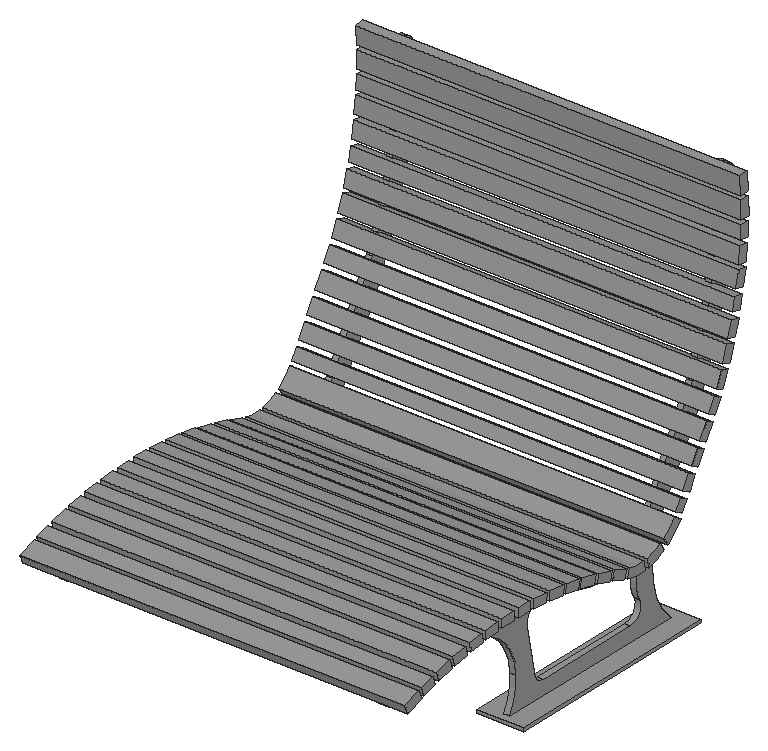
Revit family "11484 Лежак «Дельта» Хоббика", category Антураж, Revit 2018
Family settings
  На основе рабочей плоскости = Нет
  Всегда вертикально = Да
  При загрузке вырезать с полостями = Нет
  Источник визуального образа = Геометрия семейства
  Общий = Нет
  Точка расчета площади = Нет
Parameters (values of type "Лежак «Дельта»")
  Ширина = 1520 mm  # constant formula
  Цвет отделки = Дерево
  Цвет каркаса = Сталь
  Описание = "Лежак «Дельта»"  # constant formula
  Материал изделия = "Сталь, дерево"  # constant formula
  Изображение типоразмера = Лежак «Дельта» Арт 11484.jpeg
  Изготовитель = "ООО «Хоббика»"  # constant formula
  Длина = 1300 mm  # constant formula
  Группа модели = "Лежаки и шезлонги"  # constant formula
  Высота = 1310 mm  # constant formula
  Артикул товара = "Арт. 11484"  # constant formula
  URL = "https://hobbyka.ru/product/lezhak_delta"
Reference planes
  plane 1 "По центру (Вперед/Назад)": y = 0
  plane 2: z = 0
  plane 3 "По центру (Влево/Вправо)": x = 0
  plane 4: y = 1520
  plane 5: x = 1300
  plane 6: z = 1310
Forms (mm)
  Extrusion 1, solid, material "Сталь" <- "Цвет каркаса"
    sketch origin (0, 0, 0) x (0, 1, 0) y (0, 0, 1)
      loop
        line (1340.382, 685.027) -> (1170.382, 390.578)
        arc (1170.382, 390.578) -> (1064.405, 301.653) -> (926.062, 301.653) r 202.244
        arc (926.062, 301.653) -> (476.062, 381) -> (26.062, 301.653) r 1315.712
        arc (26.062, 301.653) -> (53.69, 264.755) -> (99.71, 262.13) r 54.627
        arc (99.71, 262.13) -> (211.809, 298.218) -> (327.729, 318.981) r 878.133
        arc (327.729, 318.981) -> (429.291, 310.373) -> (519.982, 263.854) r 263.419
        arc (519.982, 263.854) -> (572.354, 201.095) -> (595.097, 122.582) r 199.113
        arc (595.097, 122.582) -> (589.574, 58.763) -> (564.072, 0) r 199.113
        line (564.072, 0) -> (1258.328, 0)
        arc (1258.328, 0) -> (1168.074, 172.565) -> (1220.477, 360.123) r 264.387
        arc (1220.477, 360.123) -> (1439.983, 771.046) -> (1520, 1230) r 1471.2
        arc (1520, 1230) -> (1498.772, 1278.981) -> (1448.044, 1295.608) r 65.086
        arc (1448.044, 1295.608) -> (1432.513, 983.564) -> (1340.382, 685.027) r 1254.975
      loop
        arc (1104.802, 200.11) -> (1090.878, 234.377) -> (1055.881, 246.351) r 44.599
        arc (1055.881, 246.351) -> (980.688, 244.637) -> (906.086, 254.201) r 500.886
        line (906.086, 254.201) -> (704.186, 307.618)
        arc (704.186, 307.618) -> (655.877, 295.452) -> (640.52, 248.061) r 51.451
        line (640.52, 248.061) -> (669.142, 100.817)
        arc (669.142, 100.817) -> (681.755, 70.366) -> (712.206, 57.752) r 43.065
        line (712.206, 57.752) -> (1081.097, 57.752)
        arc (1081.097, 57.752) -> (1118.026, 78.816) -> (1118.694, 121.325) r 42.903
        arc (1118.694, 121.325) -> (1105.226, 159.567) -> (1104.802, 200.11) r 124.119
    from 100 to 120
  Extrusion 2, solid, material "Сталь" <- "Цвет каркаса"
    sketch origin (0, 0, 0) x (0, 1, 0) y (0, 0, 1)
      loop
        line (1340.382, 685.027) -> (1170.382, 390.578)
        arc (1170.382, 390.578) -> (1064.405, 301.653) -> (926.062, 301.653) r 202.244
        arc (926.062, 301.653) -> (476.062, 381) -> (26.062, 301.653) r 1315.712
        arc (26.062, 301.653) -> (53.69, 264.755) -> (99.71, 262.13) r 54.627
        arc (99.71, 262.13) -> (211.809, 298.218) -> (327.729, 318.981) r 878.133
        arc (327.729, 318.981) -> (429.291, 310.373) -> (519.982, 263.854) r 263.419
        arc (519.982, 263.854) -> (572.354, 201.095) -> (595.097, 122.582) r 199.113
        arc (595.097, 122.582) -> (589.574, 58.763) -> (564.072, 0) r 199.113
        line (564.072, 0) -> (1258.328, 0)
        arc (1258.328, 0) -> (1168.074, 172.565) -> (1220.477, 360.123) r 264.387
        arc (1220.477, 360.123) -> (1439.983, 771.046) -> (1520, 1230) r 1471.2
        arc (1520, 1230) -> (1498.772, 1278.981) -> (1448.044, 1295.608) r 65.086
        arc (1448.044, 1295.608) -> (1432.513, 983.564) -> (1340.382, 685.027) r 1254.975
      loop
        arc (1104.802, 200.11) -> (1090.878, 234.377) -> (1055.881, 246.351) r 44.599
        arc (1055.881, 246.351) -> (980.688, 244.637) -> (906.086, 254.201) r 500.886
        line (906.086, 254.201) -> (704.186, 307.618)
        arc (704.186, 307.618) -> (655.877, 295.452) -> (640.52, 248.061) r 51.451
        line (640.52, 248.061) -> (669.142, 100.817)
        arc (669.142, 100.817) -> (681.755, 70.366) -> (712.206, 57.752) r 43.065
        line (712.206, 57.752) -> (1081.097, 57.752)
        arc (1081.097, 57.752) -> (1118.026, 78.816) -> (1118.694, 121.325) r 42.903
        arc (1118.694, 121.325) -> (1105.226, 159.567) -> (1104.802, 200.11) r 124.119
    from 1180 to 1200
  Extrusion 3, solid, material "Сталь" <- "Цвет каркаса"
    sketch origin (0, 0, 0) x (0, 1, 0) y (0, 0, 1)
      loop
        line (1290, 10) -> (540, 10) -> (540, 0) -> (1290, 0) -> (1290, 10)
    from 30 to 189.958
  Extrusion 4, solid, material "Сталь" <- "Цвет каркаса"
    sketch origin (0, 0, 0) x (0, 1, 0) y (0, 0, 1)
      loop
        line (1290, 10) -> (540, 10) -> (540, 0) -> (1290, 0) -> (1290, 10)
    from 1110 to 1270
  Extrusion 5, solid, material "Дерево" <- "Цвет отделки"
    sketch origin (0, 0, 0) x (0, 1, 0) y (0, 0, 1)
      loop
        line (1446.878, 1310) -> (1416.991, 1307.406)
        arc (1416.991, 1307.406) -> (1419.218, 1277.49) -> (1420.713, 1247.528) r 1224.975
        line (1420.713, 1247.528) -> (1450.692, 1248.655)
        arc (1450.692, 1248.655) -> (1449.161, 1279.351) -> (1446.878, 1310) r 1254.975
      loop
        line (1334.746, 675.264) -> (1308.765, 690.264) -> (1283.765, 646.962) -> (1309.746, 631.962) -> (1334.746, 675.264)
      loop
        line (1164.274, 380.669) -> (1139.199, 397.139)
        arc (1139.199, 397.139) -> (1118.434, 371.327) -> (1093.111, 349.968) r 172.244
        line (1093.111, 349.968) -> (1110.159, 325.282)
        arc (1110.159, 325.282) -> (1139.892, 350.361) -> (1164.274, 380.669) r 202.244
      loop
        line (926.062, 301.653) -> (936.323, 329.844)
        arc (936.323, 329.844) -> (911.355, 338.654) -> (886.219, 346.971) r 1345.712
        line (886.219, 346.971) -> (877.076, 318.399)
        arc (877.076, 318.399) -> (901.651, 310.267) -> (926.062, 301.653) r 1315.712
      loop
        line (1451.175, 1233.295) -> (1421.185, 1232.535)
        arc (1421.185, 1232.535) -> (1421.578, 1202.538) -> (1421.236, 1172.541) r 1224.975
        line (1421.236, 1172.541) -> (1451.228, 1171.832)
        arc (1451.228, 1171.832) -> (1451.578, 1202.564) -> (1451.175, 1233.295) r 1254.975
      loop
        line (1450.771, 1156.472) -> (1420.79, 1157.548)
        arc (1420.79, 1157.548) -> (1419.777, 1135.086) -> (1418.353, 1112.646) r 1224.975
        line (1418.353, 1112.646) -> (1448.274, 1110.47)
        arc (1448.274, 1110.47) -> (1449.733, 1133.46) -> (1450.771, 1156.472) r 1254.975
      loop
        line (1446.887, 1093.075) -> (1416.999, 1095.667)
        arc (1416.999, 1095.667) -> (1414.335, 1068.468) -> (1411.064, 1041.335) r 1224.975
        line (1411.064, 1041.335) -> (1440.807, 1037.413)
        arc (1440.807, 1037.413) -> (1444.157, 1065.21) -> (1446.887, 1093.075) r 1254.975
      loop
        line (1438.664, 1021.912) -> (1408.973, 1026.204)
        arc (1408.973, 1026.204) -> (1404.755, 999.165) -> (1399.933, 972.226) r 1224.975
        line (1399.933, 972.226) -> (1429.403, 966.612)
        arc (1429.403, 966.612) -> (1434.343, 994.21) -> (1438.664, 1021.912) r 1254.975
      loop
        line (1425.286, 945.944) -> (1395.914, 952.053)
        arc (1395.914, 952.053) -> (1391.219, 930.459) -> (1386.136, 908.953) r 1224.975
        line (1386.136, 908.953) -> (1415.268, 901.789)
        arc (1415.268, 901.789) -> (1420.476, 923.822) -> (1425.286, 945.944) r 1254.975
      loop
        line (1410.13, 881.622) -> (1381.121, 889.268)
        arc (1381.121, 889.268) -> (1374.045, 863.562) -> (1366.412, 838.015) r 1224.975
        line (1366.412, 838.015) -> (1395.061, 829.114)
        arc (1395.061, 829.114) -> (1402.881, 855.286) -> (1410.13, 881.622) r 1254.975
      loop
        line (1390.54, 814.865) -> (1361.999, 824.107)
        arc (1361.999, 824.107) -> (1353.114, 797.698) -> (1343.631, 771.497) r 1224.975
        line (1343.631, 771.497) -> (1371.722, 760.966)
        arc (1371.722, 760.966) -> (1381.437, 787.809) -> (1390.54, 814.865) r 1254.975
      loop
        line (1365.82, 745.532) -> (1337.87, 756.432)
        arc (1337.87, 756.432) -> (1327.868, 731.59) -> (1317.325, 706.972) r 1224.975
        line (1317.325, 706.972) -> (1344.772, 694.861)
        arc (1344.772, 694.861) -> (1355.573, 720.082) -> (1365.82, 745.532) r 1254.975
      loop
        line (1299.746, 614.642) -> (1273.765, 629.642) -> (1246.265, 582.011) -> (1272.246, 567.011) -> (1299.746, 614.642)
      loop
        line (1262.246, 549.69) -> (1236.265, 564.69) -> (1211.265, 521.389) -> (1237.246, 506.389) -> (1262.246, 549.69)
      loop
        line (1227.246, 489.068) -> (1201.265, 504.068) -> (1176.265, 460.767) -> (1202.246, 445.767) -> (1227.246, 489.068)
      loop
        line (1192.246, 428.447) -> (1166.265, 443.447) -> (1146.265, 408.806) -> (1172.246, 393.806) -> (1192.246, 428.447)
      loop
        arc (1080.381, 341.974) -> (1053.509, 329.614) -> (1024.918, 322.033) r 172.244
        line (1024.918, 322.033) -> (1030.088, 292.482)
        arc (1030.088, 292.482) -> (1063.658, 301.383) -> (1095.211, 315.896) r 202.244
        line (1095.211, 315.896) -> (1080.381, 341.974)
      loop
        arc (1010.814, 320.162) -> (980.599, 320.079) -> (950.835, 325.277) r 172.244
        line (950.835, 325.277) -> (943.102, 296.29)
        arc (943.102, 296.29) -> (978.051, 290.187) -> (1013.528, 290.285) r 202.244
        line (1013.528, 290.285) -> (1010.814, 320.162)
      loop
        arc (873.36, 351.015) -> (847.488, 358.727) -> (821.466, 365.917) r 1345.712
        line (821.466, 365.917) -> (813.766, 336.922)
        arc (813.766, 336.922) -> (839.208, 329.892) -> (864.503, 322.353) r 1315.712
        line (864.503, 322.353) -> (873.36, 351.015)
      loop
        arc (806.259, 369.861) -> (778.088, 376.67) -> (749.776, 382.87) r 1345.712
        line (749.776, 382.87) -> (743.674, 353.497)
        arc (743.674, 353.497) -> (771.355, 347.435) -> (798.898, 340.778) r 1315.712
        line (798.898, 340.778) -> (806.259, 369.861)
      loop
        arc (737.963, 385.269) -> (710.976, 390.338) -> (683.89, 394.855) r 1345.712
        line (683.89, 394.855) -> (679.257, 365.215)
        arc (679.257, 365.215) -> (705.739, 360.798) -> (732.125, 355.842) r 1315.712
        line (732.125, 355.842) -> (737.963, 385.269)
      loop
        arc (670.006, 396.951) -> (642.268, 400.697) -> (614.458, 403.865) r 1345.712
        line (614.458, 403.865) -> (611.373, 374.024)
        arc (611.373, 374.024) -> (638.563, 370.926) -> (665.682, 367.264) r 1315.712
        line (665.682, 367.264) -> (670.006, 396.951)
      loop
        arc (598.317, 405.435) -> (571.952, 407.579) -> (545.55, 409.205) r 1345.712
        line (545.55, 409.205) -> (544.001, 379.245)
        arc (544.001, 379.245) -> (569.814, 377.656) -> (595.591, 375.559) r 1315.712
        line (595.591, 375.559) -> (598.317, 405.435)
      loop
        arc (529.966, 409.92) -> (504.726, 410.695) -> (479.476, 410.996) r 1345.712
        line (479.476, 410.996) -> (479.476, 380.996)
        arc (479.476, 380.996) -> (504.125, 380.701) -> (528.764, 379.944) r 1315.712
        line (528.764, 379.944) -> (529.966, 409.92)
      loop
        arc (458.304, 410.883) -> (434.19, 410.348) -> (410.09, 409.382) r 1345.712
        line (410.09, 409.382) -> (411.561, 379.418)
        arc (411.561, 379.418) -> (434.926, 380.357) -> (458.304, 380.88) r 1315.712
        line (458.304, 380.88) -> (458.304, 410.883)
      loop
        arc (390.993, 408.309) -> (365.835, 406.478) -> (340.714, 404.176) r 1345.712
        line (340.714, 404.176) -> (343.732, 374.328)
        arc (343.732, 374.328) -> (368.292, 376.579) -> (392.89, 378.369) r 1315.712
        line (392.89, 378.369) -> (390.993, 408.309)
      loop
        arc (323.853, 402.364) -> (298.408, 399.222) -> (273.027, 395.595) r 1345.712
        line (273.027, 395.595) -> (277.554, 365.939)
        arc (277.554, 365.939) -> (302.368, 369.485) -> (327.246, 372.557) r 1315.712
        line (327.246, 372.557) -> (323.853, 402.364)
      loop
        arc (256.205, 392.919) -> (230.374, 388.382) -> (204.636, 383.343) r 1345.712
        line (204.636, 383.343) -> (210.687, 353.96)
        arc (210.687, 353.96) -> (235.851, 358.886) -> (261.107, 363.322) r 1315.712
        line (261.107, 363.322) -> (256.205, 392.919)
      loop
        arc (191.609, 380.593) -> (163.002, 374.079) -> (134.544, 366.943) r 1345.712
        line (134.544, 366.943) -> (142.157, 337.925)
        arc (142.157, 337.925) -> (169.981, 344.902) -> (197.951, 351.271) r 1315.712
        line (197.951, 351.271) -> (191.609, 380.593)
      loop
        arc (117.927, 362.47) -> (94.602, 355.803) -> (71.401, 348.717) r 1345.712
        line (71.401, 348.717) -> (80.422, 320.106)
        arc (80.422, 320.106) -> (103.106, 327.034) -> (125.911, 333.552) r 1315.712
        line (125.911, 333.552) -> (117.927, 362.47)
      loop
        arc (60.484, 345.224) -> (30.116, 334.962) -> (0, 323.98) r 1345.712
        line (0, 323.98) -> (12.223, 296.528)
        arc (12.223, 296.528) -> (40.869, 306.942) -> (69.749, 316.69) r 1315.712
        line (69.749, 316.69) -> (60.484, 345.224)
    from 0 to 1300
Cuts and joins
  joined: Extrusion 1, Extrusion 3
  joined: Extrusion 2, Extrusion 4
Dimensions and locks
  "Длина": plane 5 to plane 3 "По центру (Влево/Вправо)"
  "Ширина": plane 4 to plane 1 "По центру (Вперед/Назад)"
  "Высота": plane 6 to plane 2
  aligned and locked: level to plane 2
Automatic sketch dimensions
  Extrusion 1 sketch curve to Extrusion 1 sketch curve = 0 mm  (x7)
  Extrusion 1 sketch curve to level = 0 mm
  Extrusion 1 sketch curve to plane 4 = 0 mm  (x2)
  Extrusion 1 sketch curve to plane 4 = 65.08 mm
  Extrusion 1 sketch curve to plane 4 = 88.987 mm
  Extrusion 1 sketch curve to plane 4 = 179.618 mm
  Extrusion 1 sketch curve to plane 4 = 261.672 mm
  Extrusion 1 sketch curve to Extrusion 1 sketch curve = 30.868 mm
  Extrusion 1 sketch curve to Extrusion 1 sketch curve = 57.078 mm
  level to Extrusion 1 sketch curve = 57.752 mm
  Extrusion 1 sketch curve to Extrusion 1 sketch curve = 177.23 mm
  Extrusion 1 sketch curve to Extrusion 1 sketch curve = 20.856 mm
  Extrusion 1 sketch curve to Extrusion 1 sketch curve = 333.48 mm
  Extrusion 1 sketch curve to Extrusion 1 sketch curve = 175.149 mm
  level to Extrusion 1 sketch curve = 254.201 mm
  Extrusion 1 sketch curve to Extrusion 1 sketch curve = 154.155 mm
  Extrusion 1 sketch curve to Extrusion 1 sketch curve = 193.88 mm
  level to Extrusion 1 sketch curve = 307.618 mm
  Extrusion 1 sketch curve to Extrusion 1 sketch curve = 8.021 mm
  Extrusion 1 sketch curve to Extrusion 1 sketch curve = 13.16 mm
  level to Extrusion 1 sketch curve = 100.817 mm
  level to Extrusion 1 sketch curve = 248.061 mm
  Extrusion 1 sketch curve to Extrusion 1 sketch curve = 50.506 mm
  Extrusion 1 sketch curve to Extrusion 1 sketch curve = 105.069 mm
  Extrusion 1 sketch curve to plane 1 "По центру (Вперед/Назад)" = 476.062 mm
  Extrusion 1 sketch curve to Extrusion 1 sketch curve = 51.813 mm
  Extrusion 1 sketch curve to Extrusion 1 sketch curve = 167.525 mm
  Extrusion 1 sketch curve to Extrusion 1 sketch curve = 39.864 mm
  Extrusion 1 sketch curve to plane 6 = 108.512 mm
  Extrusion 1 sketch curve to plane 1 "По центру (Вперед/Назад)" = 196.603 mm
  Extrusion 1 sketch curve to plane 1 "По центру (Вперед/Назад)" = 79.521 mm
  Extrusion 1 sketch curve to plane 1 "По центру (Вперед/Назад)" = 48.936 mm
  Extrusion 1 sketch curve to level = 553.831 mm
  Extrusion 1 sketch curve to Extrusion 1 sketch curve = 380.881 mm
  level to Extrusion 1 sketch curve = 57.159 mm
  Extrusion 1 sketch curve to Extrusion 1 sketch curve = 42.903 mm
  Extrusion 1 sketch curve to Extrusion 1 sketch curve = 50.458 mm
  Extrusion 1 sketch curve to Extrusion 1 sketch curve = 80.465 mm
  level to Extrusion 1 sketch curve = 200.201 mm
  Extrusion 1 sketch curve to Extrusion 1 sketch curve = 80.641 mm
  level to Extrusion 1 sketch curve = 312.889 mm
  Extrusion 1 sketch curve to Extrusion 1 sketch curve = 209.458 mm
  Extrusion 1 sketch curve to Extrusion 1 sketch curve = 101.122 mm
  Extrusion 1 sketch curve to Extrusion 1 sketch curve = 294.449 mm
  Extrusion 1 sketch curve to Extrusion 1 sketch curve = 253.135 mm
  Extrusion 1 sketch curve to plane 6 = 79.114 mm
  Extrusion 1 sketch curve to plane 6 = 59.978 mm
  Extrusion 1 sketch curve to Extrusion 1 sketch curve = 44.56 mm
  Extrusion 1 sketch curve to Extrusion 1 sketch curve = 74.044 mm
  Extrusion 2 sketch curve to Extrusion 2 sketch curve = 0 mm  (x7)
  Extrusion 2 sketch curve to level = 0 mm
  Extrusion 2 sketch curve to plane 4 = 0 mm  (x2)
  Extrusion 2 sketch curve to plane 4 = 65.08 mm
  Extrusion 2 sketch curve to plane 4 = 88.987 mm
  Extrusion 2 sketch curve to plane 4 = 179.618 mm
  Extrusion 2 sketch curve to plane 4 = 261.672 mm
  Extrusion 2 sketch curve to Extrusion 2 sketch curve = 30.868 mm
  Extrusion 2 sketch curve to Extrusion 2 sketch curve = 57.078 mm
  level to Extrusion 2 sketch curve = 57.752 mm
  Extrusion 2 sketch curve to Extrusion 2 sketch curve = 177.23 mm
  Extrusion 2 sketch curve to Extrusion 2 sketch curve = 20.856 mm
  Extrusion 2 sketch curve to Extrusion 2 sketch curve = 333.48 mm
  Extrusion 2 sketch curve to Extrusion 2 sketch curve = 175.149 mm
  level to Extrusion 2 sketch curve = 254.201 mm
  Extrusion 2 sketch curve to Extrusion 2 sketch curve = 154.155 mm
  Extrusion 2 sketch curve to Extrusion 2 sketch curve = 193.88 mm
  level to Extrusion 2 sketch curve = 307.618 mm
  Extrusion 2 sketch curve to Extrusion 2 sketch curve = 8.021 mm
  Extrusion 2 sketch curve to Extrusion 2 sketch curve = 13.16 mm
  level to Extrusion 2 sketch curve = 100.817 mm
  level to Extrusion 2 sketch curve = 248.061 mm
  Extrusion 2 sketch curve to Extrusion 2 sketch curve = 50.506 mm
  Extrusion 2 sketch curve to Extrusion 2 sketch curve = 105.069 mm
  Extrusion 2 sketch curve to plane 1 "По центру (Вперед/Назад)" = 476.062 mm
  Extrusion 2 sketch curve to Extrusion 2 sketch curve = 51.813 mm
  Extrusion 2 sketch curve to Extrusion 2 sketch curve = 167.525 mm
  Extrusion 2 sketch curve to Extrusion 2 sketch curve = 39.864 mm
  Extrusion 2 sketch curve to plane 6 = 108.512 mm
  Extrusion 2 sketch curve to plane 1 "По центру (Вперед/Назад)" = 196.603 mm
  Extrusion 2 sketch curve to plane 1 "По центру (Вперед/Назад)" = 79.521 mm
  Extrusion 2 sketch curve to plane 1 "По центру (Вперед/Назад)" = 48.936 mm
  Extrusion 2 sketch curve to level = 553.831 mm
  Extrusion 2 sketch curve to Extrusion 2 sketch curve = 380.881 mm
  level to Extrusion 2 sketch curve = 57.159 mm
  Extrusion 2 sketch curve to Extrusion 2 sketch curve = 42.903 mm
  Extrusion 2 sketch curve to Extrusion 2 sketch curve = 50.458 mm
  Extrusion 2 sketch curve to Extrusion 2 sketch curve = 80.465 mm
  level to Extrusion 2 sketch curve = 200.201 mm
  Extrusion 2 sketch curve to Extrusion 2 sketch curve = 80.641 mm
  level to Extrusion 2 sketch curve = 312.889 mm
  Extrusion 2 sketch curve to Extrusion 2 sketch curve = 209.458 mm
  Extrusion 2 sketch curve to Extrusion 2 sketch curve = 101.122 mm
  Extrusion 2 sketch curve to Extrusion 2 sketch curve = 294.449 mm
  Extrusion 2 sketch curve to Extrusion 2 sketch curve = 253.135 mm
  Extrusion 2 sketch curve to plane 6 = 79.114 mm
  Extrusion 2 sketch curve to plane 6 = 59.978 mm
  Extrusion 2 sketch curve to Extrusion 2 sketch curve = 44.56 mm
  Extrusion 2 sketch curve to Extrusion 2 sketch curve = 74.044 mm
  Extrusion 3 sketch curve to level = 0 mm
  level to Extrusion 3 sketch curve = 10 mm
  Extrusion 3 sketch curve to plane 1 "По центру (Вперед/Назад)" = 540 mm
  Extrusion 3 sketch curve to plane 4 = 230 mm
  Extrusion 4 sketch curve to level = 0 mm
  level to Extrusion 4 sketch curve = 10 mm
  Extrusion 4 sketch curve to plane 1 "По центру (Вперед/Назад)" = 540 mm
  Extrusion 4 sketch curve to plane 4 = 230 mm
  Extrusion 5 sketch curve to Extrusion 5 sketch curve = 0 mm  (x98)
  Extrusion 5 sketch curve to plane 1 "По центру (Вперед/Назад)" = 0 mm
  Extrusion 5 sketch curve to plane 6 = 0 mm
  Extrusion 5 sketch curve to plane 1 "По центру (Вперед/Назад)" = 196.603 mm
  level to Extrusion 5 sketch curve = 301.653 mm
  Extrusion 5 sketch curve to Extrusion 5 sketch curve = 10.261 mm
  Extrusion 5 sketch curve to Extrusion 5 sketch curve = 58.911 mm
  Extrusion 5 sketch curve to Extrusion 5 sketch curve = 151.031 mm
  Extrusion 5 sketch curve to plane 4 = 211.235 mm
  Extrusion 5 sketch curve to plane 6 = 2.594 mm
  Extrusion 5 sketch curve to plane 4 = 103.009 mm
  Extrusion 5 sketch curve to Extrusion 5 sketch curve = 29.888 mm  (x2)
  Extrusion 5 sketch curve to plane 1 "По центру (Вперед/Назад)" = 12.223 mm
  Extrusion 5 sketch curve to Extrusion 5 sketch curve = 60.484 mm
  Extrusion 5 sketch curve to Extrusion 5 sketch curve = 9.264 mm
  Extrusion 5 sketch curve to Extrusion 5 sketch curve = 46.526 mm
  Extrusion 5 sketch curve to Extrusion 5 sketch curve = 7.984 mm
  Extrusion 5 sketch curve to Extrusion 5 sketch curve = 16.616 mm
  Extrusion 5 sketch curve to Extrusion 5 sketch curve = 16.246 mm
  Extrusion 5 sketch curve to Extrusion 5 sketch curve = 57.066 mm
  Extrusion 5 sketch curve to Extrusion 5 sketch curve = 6.341 mm
  Extrusion 5 sketch curve to Extrusion 5 sketch curve = 13.027 mm
  Extrusion 5 sketch curve to Extrusion 5 sketch curve = 12.737 mm
  Extrusion 5 sketch curve to Extrusion 5 sketch curve = 51.569 mm
  Extrusion 5 sketch curve to Extrusion 5 sketch curve = 4.901 mm
  Extrusion 5 sketch curve to Extrusion 5 sketch curve = 16.447 mm
  Extrusion 5 sketch curve to Extrusion 5 sketch curve = 50.826 mm
  Extrusion 5 sketch curve to Extrusion 5 sketch curve = 3.393 mm
  Extrusion 5 sketch curve to Extrusion 5 sketch curve = 16.861 mm
  Extrusion 5 sketch curve to Extrusion 5 sketch curve = 50.279 mm
  level to Extrusion 5 sketch curve = 378.369 mm
  level to Extrusion 5 sketch curve = 379.418 mm
  Extrusion 5 sketch curve to Extrusion 5 sketch curve = 48.214 mm
  level to Extrusion 5 sketch curve = 379.944 mm
  level to Extrusion 5 sketch curve = 379.245 mm
  level to Extrusion 5 sketch curve = 375.559 mm
  level to Extrusion 5 sketch curve = 405.435 mm
  level to Extrusion 5 sketch curve = 374.024 mm
  level to Extrusion 5 sketch curve = 367.264 mm
  level to Extrusion 5 sketch curve = 396.951 mm
  level to Extrusion 5 sketch curve = 365.215 mm
  level to Extrusion 5 sketch curve = 355.842 mm
  level to Extrusion 5 sketch curve = 385.269 mm
  level to Extrusion 5 sketch curve = 353.497 mm
  level to Extrusion 5 sketch curve = 340.778 mm
  level to Extrusion 5 sketch curve = 369.861 mm
  level to Extrusion 5 sketch curve = 336.922 mm
  level to Extrusion 5 sketch curve = 365.917 mm
  level to Extrusion 5 sketch curve = 322.353 mm
  level to Extrusion 5 sketch curve = 351.015 mm
  level to Extrusion 5 sketch curve = 318.399 mm
  level to Extrusion 5 sketch curve = 346.971 mm
  level to Extrusion 5 sketch curve = 296.29 mm
  level to Extrusion 5 sketch curve = 320.162 mm
  level to Extrusion 5 sketch curve = 290.285 mm
  level to Extrusion 5 sketch curve = 322.033 mm
  level to Extrusion 5 sketch curve = 292.482 mm
  level to Extrusion 5 sketch curve = 341.974 mm
  level to Extrusion 5 sketch curve = 315.896 mm
  level to Extrusion 5 sketch curve = 325.282 mm
  Extrusion 5 sketch curve to Extrusion 5 sketch curve = 7.065 mm
  Extrusion 5 sketch curve to Extrusion 5 sketch curve = 7.971 mm
  Extrusion 5 sketch curve to Extrusion 5 sketch curve = 20 mm
  Extrusion 5 sketch curve to Extrusion 5 sketch curve = 10 mm  (x8)
  Extrusion 5 sketch curve to Extrusion 5 sketch curve = 25 mm  (x2)
  Extrusion 5 sketch curve to Extrusion 5 sketch curve = 27.5 mm
  Extrusion 5 sketch curve to Extrusion 5 sketch curve = 20.544 mm
  Extrusion 5 sketch curve to Extrusion 5 sketch curve = 5.761 mm
  Extrusion 5 sketch curve to Extrusion 5 sketch curve = 18.369 mm
  Extrusion 5 sketch curve to Extrusion 5 sketch curve = 27.95 mm
  Extrusion 5 sketch curve to Extrusion 5 sketch curve = 4.412 mm
  Extrusion 5 sketch curve to Extrusion 5 sketch curve = 14.709 mm
  Extrusion 5 sketch curve to Extrusion 5 sketch curve = 5.015 mm
  Extrusion 5 sketch curve to Extrusion 5 sketch curve = 28.541 mm
  Extrusion 5 sketch curve to Extrusion 5 sketch curve = 4.521 mm
  Extrusion 5 sketch curve to Extrusion 5 sketch curve = 9.778 mm
  Extrusion 5 sketch curve to Extrusion 5 sketch curve = 9.039 mm
  Extrusion 5 sketch curve to Extrusion 5 sketch curve = 29.009 mm
  Extrusion 5 sketch curve to Extrusion 5 sketch curve = 5.137 mm
  Extrusion 5 sketch curve to Extrusion 5 sketch curve = 5.935 mm
  Extrusion 5 sketch curve to Extrusion 5 sketch curve = 2.438 mm
  Extrusion 5 sketch curve to plane 6 = 77.465 mm
  Extrusion 5 sketch curve to Extrusion 5 sketch curve = 29.371 mm
  Extrusion 5 sketch curve to Extrusion 5 sketch curve = 4.118 mm
  Extrusion 5 sketch curve to Extrusion 5 sketch curve = 29.691 mm
  Extrusion 5 sketch curve to Extrusion 5 sketch curve = 1.387 mm
  Extrusion 5 sketch curve to plane 6 = 61.345 mm
  Extrusion 5 sketch curve to Extrusion 5 sketch curve = 29.981 mm
  Extrusion 5 sketch curve to Extrusion 5 sketch curve = 0.484 mm
  Extrusion 5 sketch curve to Extrusion 5 sketch curve = 16.822 mm
  Extrusion 5 sketch curve to Extrusion 5 sketch curve = 19.097 mm
  Extrusion 5 sketch curve to Extrusion 5 sketch curve = 27.452 mm
  Extrusion 5 sketch curve to Extrusion 5 sketch curve = 10.917 mm
  Extrusion 5 sketch curve to Extrusion 5 sketch curve = 23.578 mm
  Extrusion 5 sketch curve to Extrusion 5 sketch curve = 10.674 mm
  Extrusion 5 sketch curve to Extrusion 5 sketch curve = 3.493 mm
  Extrusion 5 sketch curve to Extrusion 5 sketch curve = 41.398 mm
  Extrusion 5 sketch curve to Extrusion 5 sketch curve = 4.473 mm
  Extrusion 5 sketch curve to Extrusion 5 sketch curve = 57.432 mm
  Extrusion 5 sketch curve to Extrusion 5 sketch curve = 2.75 mm
  Extrusion 5 sketch curve to Extrusion 5 sketch curve = 99.068 mm
  Extrusion 5 sketch curve to Extrusion 5 sketch curve = 2.617 mm
  Extrusion 5 sketch curve to Extrusion 5 sketch curve = 16.485 mm
  level to Extrusion 5 sketch curve = 296.528 mm
  Extrusion 5 sketch curve to Extrusion 5 sketch curve = 1.812 mm
  Extrusion 5 sketch curve to Extrusion 5 sketch curve = 1.771 mm
  Extrusion 5 sketch curve to Extrusion 5 sketch curve = 18.671 mm
  Extrusion 5 sketch curve to Extrusion 5 sketch curve = 1.896 mm
  Extrusion 5 sketch curve to Extrusion 5 sketch curve = 15.237 mm
  Extrusion 5 sketch curve to Extrusion 5 sketch curve = 16.141 mm
  Extrusion 5 sketch curve to Extrusion 5 sketch curve = 11.813 mm
  Extrusion 5 sketch curve to Extrusion 5 sketch curve = 1.073 mm
  Extrusion 5 sketch curve to Extrusion 5 sketch curve = 21.173 mm
  Extrusion 5 sketch curve to Extrusion 5 sketch curve = 0.115 mm
  Extrusion 5 sketch curve to Extrusion 5 sketch curve = 0.113 mm
  Extrusion 5 sketch curve to Extrusion 5 sketch curve = 15.584 mm
  Extrusion 5 sketch curve to Extrusion 5 sketch curve = 15.782 mm
  Extrusion 5 sketch curve to Extrusion 5 sketch curve = 13.884 mm
  Extrusion 5 sketch curve to Extrusion 5 sketch curve = 13.575 mm
  Extrusion 5 sketch curve to Extrusion 5 sketch curve = 11.549 mm
  Extrusion 5 sketch curve to Extrusion 5 sketch curve = 12.859 mm
  Extrusion 5 sketch curve to Extrusion 5 sketch curve = 12.572 mm
  Extrusion 5 sketch curve to Extrusion 5 sketch curve = 14.868 mm
  Extrusion 5 sketch curve to Extrusion 5 sketch curve = 15.207 mm
  Extrusion 5 sketch curve to Extrusion 5 sketch curve = 28.137 mm
  Extrusion 5 sketch curve to Extrusion 5 sketch curve = 14.513 mm
  Extrusion 5 sketch curve to Extrusion 5 sketch curve = 43.837 mm
  Extrusion 5 sketch curve to Extrusion 5 sketch curve = 17.04 mm
  Extrusion 5 sketch curve to Extrusion 5 sketch curve = 12.731 mm
  Extrusion 5 sketch curve to Extrusion 5 sketch curve = 16.561 mm
  Extrusion 5 sketch curve to Extrusion 5 sketch curve = 4.567 mm
  Extrusion 5 sketch curve to Extrusion 5 sketch curve = 14.104 mm
  Extrusion 5 sketch curve to Extrusion 5 sketch curve = 59.979 mm
  Extrusion 5 sketch curve to Extrusion 5 sketch curve = 14.948 mm
  Extrusion 5 sketch curve to Extrusion 5 sketch curve = 11.667 mm
  Extrusion 5 sketch curve to Extrusion 5 sketch curve = 15.981 mm
  Extrusion 5 sketch curve to Extrusion 5 sketch curve = 17.321 mm  (x8)
  Extrusion 5 sketch curve to Extrusion 5 sketch curve = 1.202 mm
  Extrusion 5 sketch curve to Extrusion 5 sketch curve = 2.725 mm
  Extrusion 5 sketch curve to Extrusion 5 sketch curve = 8.56 mm
  Extrusion 5 sketch curve to Extrusion 5 sketch curve = 10.026 mm
  Extrusion 5 sketch curve to Extrusion 5 sketch curve = 4.324 mm
  Extrusion 5 sketch curve to Extrusion 5 sketch curve = 5.839 mm
  Extrusion 5 sketch curve to Extrusion 5 sketch curve = 7.361 mm
  Extrusion 5 sketch curve to Extrusion 5 sketch curve = 0.472 mm
  Extrusion 5 sketch curve to Extrusion 5 sketch curve = 0.457 mm
  Extrusion 5 sketch curve to Extrusion 5 sketch curve = 1.353 mm
  Extrusion 5 sketch curve to Extrusion 5 sketch curve = 2.091 mm
  Extrusion 5 sketch curve to Extrusion 5 sketch curve = 4.019 mm
  Extrusion 5 sketch curve to Extrusion 5 sketch curve = 19.597 mm
  Extrusion 5 sketch curve to Extrusion 5 sketch curve = 5.902 mm
  Extrusion 5 sketch curve to Extrusion 5 sketch curve = 16.708 mm
  Extrusion 5 sketch curve to Extrusion 5 sketch curve = 15.434 mm
  Extrusion 5 sketch curve to Extrusion 5 sketch curve = 15.065 mm
  Extrusion 5 sketch curve to Extrusion 5 sketch curve = 14.249 mm
  Extrusion 5 sketch curve to Extrusion 5 sketch curve = 13.908 mm
  Extrusion 5 sketch curve to Extrusion 5 sketch curve = 20.168 mm
  Extrusion 5 sketch curve to Extrusion 5 sketch curve = 19.685 mm
  Extrusion 5 sketch curve to Extrusion 5 sketch curve = 20.667 mm
  Extrusion 5 sketch curve to Extrusion 5 sketch curve = 2.143 mm
  Extrusion 5 sketch curve to Extrusion 5 sketch curve = 20.173 mm
  Extrusion 5 sketch curve to Extrusion 5 sketch curve = 15.501 mm
  Extrusion 5 sketch curve to Extrusion 5 sketch curve = 15.131 mm
  Extrusion 5 sketch curve to Extrusion 5 sketch curve = 17.395 mm
  Extrusion 5 sketch curve to Extrusion 5 sketch curve = 16.979 mm
  Extrusion 5 sketch curve to Extrusion 5 sketch curve = 0.446 mm
  Extrusion 5 sketch curve to Extrusion 5 sketch curve = 15.36 mm
  Extrusion 5 sketch curve to Extrusion 5 sketch curve = 14.993 mm
  Extrusion 5 sketch curve to Extrusion 5 sketch curve = 0.051 mm
  Extrusion 5 sketch curve to Extrusion 5 sketch curve = 29.99 mm
